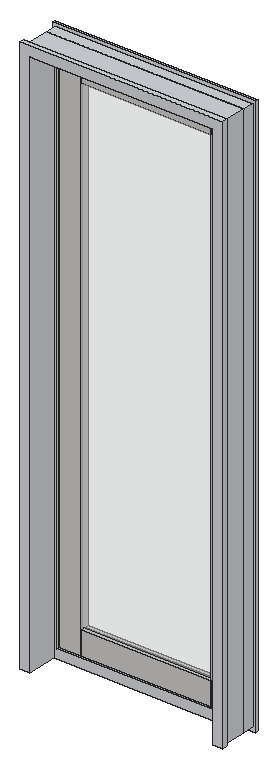
Revit family "APL Residential Thermal Heart Hinged Door Open In", category Doors, host Wall, Revit 2017 (continued)
Definition of nested family "APL Residential Thermal Heart Hinged Door Open In Vertical Section"
  Definition of nested family "Open In Head&Sill"
    Definition of nested family "65200_Rail"
      Lines and regions (mm)
        model lines, in view "Ref. Level"
          curve 212: arc (47.313, 10.592, 0) -> (47.439, 10.679, 0) -> (47.505, 10.817, 0) r 0.3
          curve 213: arc (47.505, 10.817, 0) -> (47.778, 11.059, 0) -> (48.083, 10.86, 0) r 0.3
          curve 214: arc (49.4, 10.86, 0) -> (49.754, 10.714, 0) -> (49.9, 10.36, 0) r 0.5
          curve 215: arc (49.9, 0.5, 0) -> (50.046, 0.146, 0) -> (50.4, 0, 0) r 0.5
          curve 216: arc (50.9, 0, 0) -> (51.254, 0.146, 0) -> (51.4, 0.5, 0) r 0.5
          curve 217: arc (51.4, 96.5, 0) -> (51.254, 96.854, 0) -> (50.9, 97, 0) r 0.5
          curve 218: arc (43, 97, 0) -> (42.646, 96.854, 0) -> (42.5, 96.5, 0) r 0.5
          curve 219: arc (42.5, 95.25, 0) -> (43, 94.75, 0) -> (43.5, 95.25, 0) r 0.5
          curve 220: arc (43.5, 95.8, 0) -> (43.559, 95.941, 0) -> (43.7, 96, 0) r 0.2
          curve 221: arc (44.8, 96, 0) -> (44.941, 95.941, 0) -> (45, 95.8, 0) r 0.2
          curve 222: arc (45, 90.7, 0) -> (44.941, 90.559, 0) -> (44.8, 90.5, 0) r 0.2
          curve 223: arc (43.7, 90.5, 0) -> (43.559, 90.559, 0) -> (43.5, 90.7, 0) r 0.2
          curve 224: arc (43.5, 91.25, 0) -> (43, 91.75, 0) -> (42.5, 91.25, 0) r 0.5
          curve 225: arc (42.5, 89.7, 0) -> (42.559, 89.559, 0) -> (42.7, 89.5, 0) r 0.2
          curve 226: arc (46.3, 89.5, 0) -> (46.441, 89.559, 0) -> (46.5, 89.7, 0) r 0.2
          curve 227: arc (46.5, 95, 0) -> (46.646, 95.354, 0) -> (47, 95.5, 0) r 0.5
          curve 228: arc (49, 95.5, 0) -> (49.354, 95.354, 0) -> (49.5, 95, 0) r 0.5
          curve 229: arc (49.5, 79.5, 0) -> (49.354, 79.146, 0) -> (49, 79, 0) r 0.5
          curve 230: arc (44.88, 79, 0) -> (44.739, 78.941, 0) -> (44.68, 78.8, 0) r 0.2
          curve 231: arc (44.68, 78.2, 0) -> (44.621, 78.059, 0) -> (44.48, 78, 0) r 0.2
          curve 232: arc (42.083, 78, 0) -> (41.778, 77.801, 0) -> (41.505, 78.043, 0) r 0.3
          curve 233: arc (41.505, 78.043, 0) -> (41.439, 78.181, 0) -> (41.313, 78.268, 0) r 0.3
          curve 234: arc (39.903, 78.782, 0) -> (39.617, 78.738, 0) -> (39.501, 78.474, 0) r 0.3
          curve 235: arc (39.708, 76.108, 0) -> (39.735, 76.008, 0) -> (39.795, 75.922, 0) r 0.3
          curve 236: arc (40.159, 75.559, 0) -> (40.352, 75.507, 0) -> (40.493, 75.648, 0) r 0.2
          curve 237: arc (40.538, 75.816, 0) -> (40.59, 75.905, 0) -> (40.679, 75.957, 0) r 0.2
          curve 238: arc (42.9, 76.5, 0) -> (43.18, 76.307, 0) -> (43.1, 75.976, 0) r 0.3
          curve 239: arc (43.1, 75.976, 0) -> (43.026, 75.875, 0) -> (43, 75.753, 0) r 0.3
          curve 240: arc (43.194, 71.75, 0) -> (43.158, 71.578, 0) -> (43, 71.5, 0) r 0.2
          curve 241: arc (42.479, 71.5, 0) -> (42.398, 71.511, 0) -> (42.323, 71.544, 0) r 0.3
          curve 242: arc (41.069, 72.309, 0) -> (41.072, 72.479, 0) -> (40.966, 72.611, 0) r 0.25
          curve 243: arc (40.88, 72.663, 0) -> (40.628, 72.668, 0) -> (40.5, 72.45, 0) r 0.25
          curve 244: arc (40.5, 70.874, 0) -> (40.628, 70.385, 0) -> (40.979, 70.021, 0) r 1
          curve 245: arc (41.549, 69.673, 0) -> (41.674, 69.619, 0) -> (41.809, 69.6, 0) r 0.5
          curve 246: line (44.9, 70.1, 0) -> (44.9, 76.091, 0)
          curve 247: line (45.929, 77.1, 0) -> (49, 77.1, 0)
          curve 248: line (49.5, 76.6, 0) -> (49.5, 23.4, 0)
          curve 249: line (49, 22.9, 0) -> (44.8, 22.9, 0)
          curve 250: line (44.6, 22.7, 0) -> (44.6, 21.1, 0)
          curve 251: line (44.8, 20.9, 0) -> (49.295, 20.9, 0)
          curve 252: line (49.495, 20.7, 0) -> (49.495, 19.46, 0)
          curve 253: line (49.295, 19.26, 0) -> (47.809, 19.26, 0)
          curve 254: line (47.549, 19.187, 0) -> (46.979, 18.839, 0)
          curve 255: line (46.5, 17.986, 0) -> (46.5, 16.41, 0)
          curve 256: line (47.069, 16.551, 0) -> (48.323, 17.316, 0)
          curve 257: line (48.323, 17.316, 0) -> (49, 17.36, 0)
          curve 258: line (49.194, 17.11, 0) -> (49.006, 16.385, 0)
          curve 259: line (49.006, 16.385, 0) -> (49, 13.107, 0)
          curve 260: line (48.746, 12.36, 0) -> (46.679, 12.903, 0)
          curve 261: line (46.679, 12.903, 0) -> (46.493, 13.212, 0)
          curve 262: line (46.159, 13.301, 0) -> (45.795, 12.938, 0)
          curve 263: line (45.708, 12.752, 0) -> (45.501, 10.386, 0)
          curve 264: line (45.903, 10.078, 0) -> (47.313, 10.592, 0)
          curve 265: line (48.083, 10.86, 0) -> (49.4, 10.86, 0)
          curve 266: line (49.9, 10.36, 0) -> (49.9, 0.5, 0)
          curve 267: line (50.4, 0, 0) -> (50.9, 0, 0)
          curve 268: line (51.4, 0.5, 0) -> (51.4, 96.5, 0)
          curve 269: line (43, 97, 0) -> (50.9, 97, 0)
          curve 270: line (50.9, 97, 0) -> (43, 97, 0)
          curve 271: line (42.5, 96.5, 0) -> (42.5, 95.25, 0)
          curve 272: line (43.5, 95.25, 0) -> (43.5, 95.8, 0)
          curve 273: line (43.7, 96, 0) -> (44.8, 96, 0)
          curve 274: line (45, 95.8, 0) -> (45, 90.7, 0)
          curve 275: line (44.8, 90.5, 0) -> (43.7, 90.5, 0)
          curve 276: line (43.5, 90.7, 0) -> (43.5, 91.25, 0)
          curve 277: line (42.5, 91.25, 0) -> (42.5, 89.7, 0)
          curve 278: line (42.7, 89.5, 0) -> (46.3, 89.5, 0)
          curve 279: line (46.5, 89.7, 0) -> (46.5, 95, 0)
          curve 280: line (47, 95.5, 0) -> (49, 95.5, 0)
          curve 281: line (49.5, 95, 0) -> (49.5, 79.5, 0)
          curve 282: line (49, 79, 0) -> (44.88, 79, 0)
          curve 283: line (44.68, 78.8, 0) -> (44.68, 78.2, 0)
          curve 284: line (44.48, 78, 0) -> (42.083, 78, 0)
          curve 285: line (41.313, 78.268, 0) -> (39.903, 78.782, 0)
          curve 286: line (39.501, 78.474, 0) -> (39.708, 76.108, 0)
          curve 287: line (39.795, 75.922, 0) -> (40.159, 75.559, 0)
          curve 288: line (40.493, 75.648, 0) -> (40.538, 75.816, 0)
          curve 289: line (40.538, 75.816, 0) -> (42.668, 76.49, 0)
          curve 290: line (42.668, 76.49, 0) -> (42.9, 76.5, 0)
          curve 291: line (43, 75.753, 0) -> (43, 72.525, 0)
          curve 292: line (43, 72.525, 0) -> (43.194, 71.75, 0)
          curve 293: line (43, 71.5, 0) -> (42.479, 71.5, 0)
          curve 294: line (42.479, 71.5, 0) -> (41.069, 72.309, 0)
          curve 295: line (40.5, 72.45, 0) -> (40.5, 70.874, 0)
          curve 296: line (40.979, 70.021, 0) -> (41.549, 69.673, 0)
          curve 297: line (41.809, 69.6, 0) -> (44.4, 69.6, 0)
      Text (mm)
        text "65200" at (8.462, 126.741, 0), in view "Ref. Level"
    Definition of nested family "65300_Open In Frame"
      Reference planes
        plane 1 "Center (Front/Back)": y = 0
        plane 2: z = 0
        plane 3 "Center (Left/Right)": x = 0
      Lines and regions (mm)
        model lines, in view "Ref. Level"
          curve 1: arc (41.813, -11.527, 0) -> (41.517, -11.698, 0) -> (41.4, -12.02, 0) r 0.5
          curve 2: arc (41.4, -13.4, 0) -> (41.341, -13.541, 0) -> (41.2, -13.6, 0) r 0.2
          curve 3: arc (16.255, -13.6, 0) -> (16.114, -13.541, 0) -> (16.055, -13.4, 0) r 0.2
          curve 4: arc (16.055, -8.6, 0) -> (16.114, -8.459, 0) -> (16.255, -8.4, 0) r 0.2
          curve 5: arc (16.9, -8.4, 0) -> (17.961, -7.961, 0) -> (18.4, -6.9, 0) r 1.5
          curve 6: arc (18.4, -2.6, 0) -> (18.459, -2.459, 0) -> (18.6, -2.4, 0) r 0.2
          curve 7: arc (23.2, -2.4, 0) -> (23.341, -2.341, 0) -> (23.4, -2.2, 0) r 0.2
          curve 8: arc (23.4, -1.6, 0) -> (23.459, -1.459, 0) -> (23.6, -1.4, 0) r 0.2
          curve 9: arc (33.4, -1.4, 0) -> (33.541, -1.459, 0) -> (33.6, -1.6, 0) r 0.2
          curve 10: arc (33.6, -2.2, 0) -> (33.659, -2.341, 0) -> (33.8, -2.4, 0) r 0.2
          curve 11: arc (38.4, -2.4, 0) -> (38.541, -2.341, 0) -> (38.6, -2.2, 0) r 0.2
          curve 12: arc (38.6, -1.6, 0) -> (38.659, -1.459, 0) -> (38.8, -1.4, 0) r 0.2
          curve 13: arc (39.375, -1.4, 0) -> (39.996, -1.318, 0) -> (40.575, -1.078, 0) r 2.4
          curve 14: arc (48.4, 2.4, 0) -> (48.541, 2.341, 0) -> (48.6, 2.2, 0) r 0.2
          curve 15: arc (48.6, -2.8, 0) -> (48.454, -3.154, 0) -> (48.1, -3.3, 0) r 0.5
          curve 16: arc (46, -3.3, 0) -> (45.01, -3.71, 0) -> (44.6, -4.7, 0) r 1.4
          curve 17: arc (44.6, -10.616, 0) -> (44.483, -10.938, 0) -> (44.187, -11.109, 0) r 0.5
          curve 18: arc (16.4, -1.5, 0) -> (16.68, -1.693, 0) -> (16.6, -2.024, 0) r 0.3
          curve 19: arc (16.6, -2.024, 0) -> (16.526, -2.125, 0) -> (16.5, -2.247, 0) r 0.3
          curve 20: arc (16.694, -6.25, 0) -> (16.658, -6.422, 0) -> (16.5, -6.5, 0) r 0.2
          curve 21: arc (15.979, -6.5, 0) -> (15.898, -6.489, 0) -> (15.823, -6.456, 0) r 0.3
          curve 22: arc (14.569, -5.691, 0) -> (14.572, -5.521, 0) -> (14.466, -5.389, 0) r 0.25
          curve 23: arc (14.38, -5.337, 0) -> (14.15, -5.321, 0) -> (14.005, -5.5, 0) r 0.25
          curve 24: arc (13.755, -5.5, 0) -> (13.614, -5.559, 0) -> (13.555, -5.7, 0) r 0.2
          curve 25: arc (13.555, -7.186, 0) -> (13.581, -7.284, 0) -> (13.651, -7.356, 0) r 0.2
          curve 26: arc (14.059, -7.606, 0) -> (14.129, -7.679, 0) -> (14.155, -7.776, 0) r 0.2
          curve 27: arc (15.056, -16.445, 0) -> (15.361, -16.746, 0) -> (15.787, -16.701, 0) r 0.5
          curve 28: arc (15.924, -16.617, 0) -> (16.074, -16.697, 0) -> (16.24, -16.663, 0) r 0.25
          curve 29: arc (16.326, -16.611, 0) -> (16.432, -16.479, 0) -> (16.429, -16.309, 0) r 0.25
          curve 30: arc (17.682, -15.544, 0) -> (17.758, -15.511, 0) -> (17.839, -15.5, 0) r 0.3
          curve 31: arc (18.36, -15.5, 0) -> (18.518, -15.578, 0) -> (18.554, -15.75, 0) r 0.2
          curve 32: arc (18.36, -19.753, 0) -> (18.386, -19.875, 0) -> (18.46, -19.976, 0) r 0.3
          curve 33: arc (18.46, -19.976, 0) -> (18.54, -20.307, 0) -> (18.26, -20.5, 0) r 0.3
          curve 34: arc (16.039, -19.957, 0) -> (15.95, -19.905, 0) -> (15.898, -19.816, 0) r 0.2
          curve 35: arc (15.853, -19.648, 0) -> (15.712, -19.507, 0) -> (15.519, -19.559, 0) r 0.2
          curve 36: arc (15.155, -19.922, 0) -> (15.095, -20.008, 0) -> (15.068, -20.108, 0) r 0.3
          curve 37: arc (14.861, -22.474, 0) -> (14.977, -22.738, 0) -> (15.263, -22.782, 0) r 0.3
          curve 38: arc (16.673, -22.268, 0) -> (16.799, -22.181, 0) -> (16.865, -22.043, 0) r 0.3
          curve 39: arc (16.865, -22.043, 0) -> (17.138, -21.801, 0) -> (17.443, -22, 0) r 0.3
          curve 40: arc (19.76, -22, 0) -> (20.114, -21.854, 0) -> (20.26, -21.5, 0) r 0.5
          curve 41: arc (20.26, -15.2, 0) -> (20.319, -15.059, 0) -> (20.46, -15, 0) r 0.2
          curve 42: arc (24.707, -15.057, 0) -> (24.868, -15.163, 0) -> (25.057, -15.2, 0) r 0.5
          curve 43: arc (34.743, -15.2, 0) -> (34.932, -15.164, 0) -> (35.093, -15.057, 0) r 0.485
          curve 44: arc (41.4, -15, 0) -> (42.39, -14.59, 0) -> (42.8, -13.6, 0) r 1.4
          curve 45: arc (42.8, -13.194, 0) -> (42.917, -12.873, 0) -> (43.213, -12.702, 0) r 0.5
          curve 46: arc (44.013, -12.561, 0) -> (44.421, -12.67, 0) -> (44.6, -13.053, 0) r 0.5
          curve 47: arc (44.6, -24.2, 0) -> (44.981, -25.119, 0) -> (45.9, -25.5, 0) r 1.3
          curve 48: arc (55.35, -25.5, 0) -> (56, -24.85, 0) -> (55.35, -24.2, 0) r 0.65
          curve 49: arc (49.5, -4.7, 0) -> (49.854, -4.554, 0) -> (50, -4.2, 0) r 0.5
          curve 50: arc (50, 7.5, 0) -> (49.707, 8.207, 0) -> (49, 8.5, 0) r 1
          curve 51: arc (46.6, 8.5, 0) -> (45.893, 8.207, 0) -> (45.6, 7.5, 0) r 1
          curve 52: arc (45.6, 7.4, 0) -> (45.688, 7.188, 0) -> (45.9, 7.1, 0) r 0.3
          curve 53: arc (48.4, 7.1, 0) -> (48.541, 7.041, 0) -> (48.6, 6.9, 0) r 0.2
          curve 54: arc (48.6, 4, 0) -> (48.541, 3.859, 0) -> (48.4, 3.8, 0) r 0.2
          curve 55: arc (46.6, 3.8, 0) -> (46.238, 3.752, 0) -> (45.9, 3.612, 0) r 1.4
          curve 56: arc (39.875, 0.134, 0) -> (39.634, 0.034, 0) -> (39.375, 0, 0) r 1
          curve 57: arc (15.583, 0, 0) -> (15.278, -0.199, 0) -> (15.005, 0.043, 0) r 0.3
          curve 58: arc (15.005, 0.043, 0) -> (14.939, 0.181, 0) -> (14.813, 0.268, 0) r 0.3
          curve 59: arc (13.403, 0.782, 0) -> (13.117, 0.738, 0) -> (13.001, 0.474, 0) r 0.3
          curve 60: arc (13.208, -1.892, 0) -> (13.235, -1.992, 0) -> (13.295, -2.078, 0) r 0.3
          curve 61: arc (13.659, -2.441, 0) -> (13.852, -2.493, 0) -> (13.993, -2.352, 0) r 0.2
          curve 62: line (41.4, -12.02, 0) -> (41.4, -13.4, 0)
          curve 63: line (41.2, -13.6, 0) -> (16.255, -13.6, 0)
          curve 64: line (16.055, -13.4, 0) -> (16.055, -8.6, 0)
          curve 65: line (16.255, -8.4, 0) -> (16.9, -8.4, 0)
          curve 66: line (18.4, -6.9, 0) -> (18.4, -2.6, 0)
          curve 67: line (18.6, -2.4, 0) -> (23.2, -2.4, 0)
          curve 68: line (23.4, -2.2, 0) -> (23.4, -1.6, 0)
          curve 69: line (23.6, -1.4, 0) -> (33.4, -1.4, 0)
          curve 70: line (33.6, -1.6, 0) -> (33.6, -2.2, 0)
          curve 71: line (33.8, -2.4, 0) -> (38.4, -2.4, 0)
          curve 72: line (38.6, -2.2, 0) -> (38.6, -1.6, 0)
          curve 73: line (38.8, -1.4, 0) -> (39.375, -1.4, 0)
          curve 74: line (40.575, -1.078, 0) -> (46.554, 2.373, 0)
          curve 75: line (46.554, 2.373, 0) -> (48.4, 2.4, 0)
          curve 76: line (48.6, 2.2, 0) -> (48.6, -2.8, 0)
          curve 77: line (48.1, -3.3, 0) -> (46, -3.3, 0)
          curve 78: line (44.6, -4.7, 0) -> (44.6, -10.616, 0)
          curve 79: line (44.187, -11.109, 0) -> (41.813, -11.527, 0)
          curve 80: line (13.993, -2.352, 0) -> (14.179, -2.043, 0)
          curve 81: line (14.179, -2.043, 0) -> (16.168, -1.51, 0)
          curve 82: line (16.168, -1.51, 0) -> (16.4, -1.5, 0)
          curve 83: line (16.5, -2.247, 0) -> (16.5, -5.475, 0)
          curve 84: line (16.5, -5.475, 0) -> (16.694, -6.25, 0)
          curve 85: line (16.5, -6.5, 0) -> (15.979, -6.5, 0)
          curve 86: line (15.979, -6.5, 0) -> (14.569, -5.691, 0)
          curve 87: line (14.005, -5.5, 0) -> (13.755, -5.5, 0)
          curve 88: line (13.555, -5.7, 0) -> (13.555, -7.186, 0)
          curve 89: line (13.651, -7.356, 0) -> (14.059, -7.606, 0)
          curve 90: line (14.155, -7.776, 0) -> (14.155, -13.934, 0)
          curve 91: line (14.155, -13.934, 0) -> (15.056, -16.445, 0)
          curve 92: line (15.787, -16.701, 0) -> (15.924, -16.617, 0)
          curve 93: line (16.429, -16.309, 0) -> (17.682, -15.544, 0)
          curve 94: line (17.682, -15.544, 0) -> (18.36, -15.5, 0)
          curve 95: line (18.554, -15.75, 0) -> (18.366, -16.475, 0)
          curve 96: line (18.366, -16.475, 0) -> (18.36, -19.753, 0)
          curve 97: line (18.106, -20.5, 0) -> (16.039, -19.957, 0)
          curve 98: line (16.039, -19.957, 0) -> (15.853, -19.648, 0)
          curve 99: line (15.519, -19.559, 0) -> (15.155, -19.922, 0)
          curve 100: line (15.068, -20.108, 0) -> (14.861, -22.474, 0)
          curve 101: line (15.263, -22.782, 0) -> (16.673, -22.268, 0)
          curve 102: line (17.443, -22, 0) -> (19.76, -22, 0)
          curve 103: line (20.26, -21.5, 0) -> (20.26, -15.2, 0)
          curve 104: line (20.46, -15, 0) -> (24.567, -15, 0)
          curve 105: line (25.057, -15.2, 0) -> (29.5, -15.2, 0)
          curve 106: line (29.5, -15.2, 0) -> (29.9, -14.8, 0)
          curve 107: line (29.9, -14.8, 0) -> (30.3, -15.2, 0)
          curve 108: line (30.3, -15.2, 0) -> (34.743, -15.2, 0)
          curve 109: line (35.233, -15, 0) -> (41.4, -15, 0)
          curve 110: line (42.8, -13.6, 0) -> (42.8, -13.194, 0)
          curve 111: line (43.213, -12.702, 0) -> (44.013, -12.561, 0)
          curve 112: line (44.6, -13.053, 0) -> (44.6, -24.2, 0)
          curve 113: line (45.9, -25.5, 0) -> (47.7, -25.5, 0)
          curve 114: line (47.7, -25.5, 0) -> (48, -25.2, 0)
          curve 115: line (48, -25.2, 0) -> (53.25, -25.2, 0)
          curve 116: line (53.25, -25.2, 0) -> (53.55, -25.5, 0)
          curve 117: line (53.55, -25.5, 0) -> (55.35, -25.5, 0)
          curve 118: line (55.35, -24.2, 0) -> (46, -24.2, 0)
          curve 119: line (46, -24.2, 0) -> (46, -4.7, 0)
          curve 120: line (46, -4.7, 0) -> (49.5, -4.7, 0)
          curve 121: line (50, -4.2, 0) -> (50, 7.5, 0)
          curve 122: line (49, 8.5, 0) -> (46.6, 8.5, 0)
          curve 123: line (45.9, 7.1, 0) -> (48.4, 7.1, 0)
          curve 124: line (48.6, 6.9, 0) -> (48.6, 4, 0)
          curve 125: line (48.4, 3.8, 0) -> (46.6, 3.8, 0)
          curve 126: line (45.9, 3.612, 0) -> (39.875, 0.134, 0)
          curve 127: line (39.375, 0, 0) -> (36.5, 0, 0)
          curve 128: line (36.5, 0, 0) -> (36.1, -0.4, 0)
          curve 129: line (36.1, -0.4, 0) -> (35.7, 0, 0)
          curve 130: line (35.7, 0, 0) -> (25.9, 0, 0)
          curve 131: line (25.9, 0, 0) -> (25.5, -0.4, 0)
          curve 132: line (25.5, -0.4, 0) -> (25.1, 0, 0)
          curve 133: line (25.1, 0, 0) -> (15.583, 0, 0)
          curve 134: line (14.813, 0.268, 0) -> (13.403, 0.782, 0)
          curve 135: line (13.001, 0.474, 0) -> (13.208, -1.892, 0)
          curve 136: line (13.295, -2.078, 0) -> (13.659, -2.441, 0)
          curve 137: arc (14.038, -2.184, 0) -> (14.09, -2.095, 0) -> (14.179, -2.043, 0) r 0.2
          curve 138: arc (-0.24, -19.661, 0) -> (-0.123, -19.944, 0) -> (0.16, -20.061, 0) r 0.4
          curve 139: arc (0.453, -20.061, 0) -> (0.556, -20.047, 0) -> (0.653, -20.007, 0) r 0.4
          curve 140: arc (2.181, -19.122, 0) -> (2.471, -19.002, 0) -> (2.782, -18.961, 0) r 1.2
          curve 141: arc (3.705, -18.961, 0) -> (4.278, -18.78, 0) -> (4.644, -18.303, 0) r 1
          curve 142: arc (5.437, -16.124, 0) -> (5.584, -15.933, 0) -> (5.813, -15.861, 0) r 0.4
          curve 143: arc (12.307, -15.861, 0) -> (12.536, -15.933, 0) -> (12.683, -16.124, 0) r 0.4
          curve 144: arc (13.476, -18.303, 0) -> (13.842, -18.78, 0) -> (14.415, -18.961, 0) r 1
          curve 145: arc (15.338, -18.961, 0) -> (15.649, -19.002, 0) -> (15.939, -19.122, 0) r 1.2
          curve 146: arc (17.467, -20.007, 0) -> (17.564, -20.047, 0) -> (17.667, -20.061, 0) r 0.4
          curve 147: arc (17.96, -20.061, 0) -> (18.243, -19.944, 0) -> (18.36, -19.661, 0) r 0.4
          curve 148: arc (18.36, -16.261, 0) -> (18.243, -15.978, 0) -> (17.96, -15.861, 0) r 0.4
          curve 149: arc (17.667, -15.861, 0) -> (17.564, -15.875, 0) -> (17.467, -15.915, 0) r 0.4
          curve 150: arc (15.939, -16.799, 0) -> (15.645, -16.921, 0) -> (15.33, -16.961, 0) r 1.2
          curve 151: arc (15.33, -16.961, 0) -> (15.155, -16.908, 0) -> (15.044, -16.764, 0) r 0.3
          curve 152: arc (14.156, -14.324, 0) -> (14.009, -14.133, 0) -> (13.78, -14.061, 0) r 0.4
          curve 153: arc (4.34, -14.061, 0) -> (4.111, -14.133, 0) -> (3.964, -14.324, 0) r 0.4
          curve 154: arc (3.076, -16.764, 0) -> (2.965, -16.908, 0) -> (2.79, -16.961, 0) r 0.3
          curve 155: arc (2.79, -16.961, 0) -> (2.475, -16.921, 0) -> (2.181, -16.799, 0) r 1.2
          curve 156: arc (0.653, -15.915, 0) -> (0.556, -15.875, 0) -> (0.453, -15.861, 0) r 0.4
          curve 157: arc (0.16, -15.861, 0) -> (-0.123, -15.978, 0) -> (-0.24, -16.261, 0) r 0.4
          curve 158: line (0.16, -20.061, 0) -> (0.453, -20.061, 0)
          curve 159: line (0.653, -20.007, 0) -> (2.181, -19.122, 0)
          curve 160: line (2.782, -18.961, 0) -> (3.705, -18.961, 0)
          curve 161: line (4.644, -18.303, 0) -> (5.437, -16.124, 0)
          curve 162: line (5.813, -15.861, 0) -> (12.307, -15.861, 0)
          curve 163: line (12.683, -16.124, 0) -> (13.476, -18.303, 0)
          curve 164: line (14.415, -18.961, 0) -> (15.338, -18.961, 0)
          curve 165: line (15.939, -19.122, 0) -> (17.467, -20.007, 0)
          curve 166: line (17.667, -20.061, 0) -> (17.96, -20.061, 0)
          curve 167: line (18.36, -19.661, 0) -> (18.36, -16.261, 0)
          curve 168: line (17.96, -15.861, 0) -> (17.667, -15.861, 0)
          curve 169: line (17.467, -15.915, 0) -> (15.939, -16.799, 0)
          curve 170: line (15.044, -16.764, 0) -> (14.156, -14.324, 0)
          curve 171: line (13.78, -14.061, 0) -> (4.34, -14.061, 0)
          curve 172: line (3.964, -14.324, 0) -> (3.076, -16.764, 0)
          curve 173: line (2.181, -16.799, 0) -> (0.653, -15.915, 0)
          curve 174: line (0.453, -15.861, 0) -> (0.16, -15.861, 0)
          curve 175: line (-0.24, -16.261, 0) -> (-0.24, -19.661, 0)
          curve 176: arc (-2.1, -5.6, 0) -> (-1.983, -5.883, 0) -> (-1.7, -6, 0) r 0.4
          curve 177: arc (-1.407, -6, 0) -> (-1.304, -5.986, 0) -> (-1.207, -5.946, 0) r 0.4
          curve 178: arc (0.321, -5.061, 0) -> (0.611, -4.941, 0) -> (0.922, -4.9, 0) r 1.2
          curve 179: arc (1.845, -4.9, 0) -> (2.418, -4.719, 0) -> (2.784, -4.242, 0) r 1
          curve 180: arc (3.577, -2.063, 0) -> (3.724, -1.872, 0) -> (3.953, -1.8, 0) r 0.4
          curve 181: arc (10.447, -1.8, 0) -> (10.676, -1.872, 0) -> (10.823, -2.063, 0) r 0.4
          curve 182: arc (11.616, -4.242, 0) -> (11.982, -4.719, 0) -> (12.555, -4.9, 0) r 1
          curve 183: arc (13.478, -4.9, 0) -> (13.789, -4.941, 0) -> (14.079, -5.061, 0) r 1.2
          curve 184: arc (15.607, -5.946, 0) -> (15.704, -5.986, 0) -> (15.807, -6, 0) r 0.4
          curve 185: arc (16.1, -6, 0) -> (16.383, -5.883, 0) -> (16.5, -5.6, 0) r 0.4
          curve 186: arc (16.5, -2.2, 0) -> (16.383, -1.917, 0) -> (16.1, -1.8, 0) r 0.4
          curve 187: arc (15.807, -1.8, 0) -> (15.704, -1.814, 0) -> (15.607, -1.854, 0) r 0.4
          curve 188: arc (14.079, -2.739, 0) -> (13.785, -2.86, 0) -> (13.47, -2.9, 0) r 1.2
          curve 189: arc (13.47, -2.9, 0) -> (13.295, -2.847, 0) -> (13.184, -2.703, 0) r 0.3
          curve 190: arc (12.296, -0.263, 0) -> (12.149, -0.072, 0) -> (11.92, 0, 0) r 0.4
          curve 191: arc (2.48, 0, 0) -> (2.251, -0.072, 0) -> (2.104, -0.263, 0) r 0.4
          curve 192: arc (1.216, -2.703, 0) -> (1.105, -2.847, 0) -> (0.93, -2.9, 0) r 0.3
          curve 193: arc (0.93, -2.9, 0) -> (0.615, -2.86, 0) -> (0.321, -2.739, 0) r 1.2
          curve 194: arc (-1.207, -1.854, 0) -> (-1.304, -1.814, 0) -> (-1.407, -1.8, 0) r 0.4
          curve 195: arc (-1.7, -1.8, 0) -> (-1.983, -1.917, 0) -> (-2.1, -2.2, 0) r 0.4
          curve 196: line (-1.7, -6, 0) -> (-1.407, -6, 0)
          curve 197: line (-1.207, -5.946, 0) -> (0.321, -5.061, 0)
          curve 198: line (0.922, -4.9, 0) -> (1.845, -4.9, 0)
          curve 199: line (2.784, -4.242, 0) -> (3.577, -2.063, 0)
          curve 200: line (3.953, -1.8, 0) -> (10.447, -1.8, 0)
          curve 201: line (10.823, -2.063, 0) -> (11.616, -4.242, 0)
          curve 202: line (12.555, -4.9, 0) -> (13.478, -4.9, 0)
          curve 203: line (14.079, -5.061, 0) -> (15.607, -5.946, 0)
          curve 204: line (15.807, -6, 0) -> (16.1, -6, 0)
          curve 205: line (16.5, -5.6, 0) -> (16.5, -2.2, 0)
          curve 206: line (16.1, -1.8, 0) -> (15.807, -1.8, 0)
          curve 207: line (15.607, -1.854, 0) -> (14.079, -2.739, 0)
          curve 208: line (13.184, -2.703, 0) -> (12.296, -0.263, 0)
          curve 209: line (11.92, 0, 0) -> (2.48, 0, 0)
          curve 210: line (2.104, -0.263, 0) -> (1.216, -2.703, 0)
          curve 211: line (0.321, -2.739, 0) -> (-1.207, -1.854, 0)
          curve 212: line (-1.407, -1.8, 0) -> (-1.7, -1.8, 0)
          curve 213: line (-2.1, -2.2, 0) -> (-2.1, -5.6, 0)
          curve 214: arc (-15.5, 27, 0) -> (-15.351, 27.351, 0) -> (-15, 27.5, 0) r 0.508
          curve 215: arc (-8.7, 27.5, 0) -> (-8.559, 27.441, 0) -> (-8.5, 27.3, 0) r 0.2
          curve 216: arc (-8.5, 26.1, 0) -> (-8.559, 25.959, 0) -> (-8.7, 25.9, 0) r 0.2
          curve 217: arc (-13.8, 25.9, 0) -> (-13.941, 25.841, 0) -> (-14, 25.7, 0) r 0.2
          curve 218: arc (-14, 22.6, 0) -> (-13.941, 22.459, 0) -> (-13.8, 22.4, 0) r 0.2
          curve 219: arc (-10.5, 23.15, 0) -> (-10.346, 23.381, 0) -> (-10.073, 23.327, 0) r 0.25
          curve 220: arc (-8.5, 19.1, 0) -> (-8.559, 18.959, 0) -> (-8.7, 18.9, 0) r 0.2
          curve 221: arc (-8.7, 18.9, 0) -> (-9.266, 19.134, 0) -> (-9.5, 19.7, 0) r 0.8
          curve 222: arc (-9.5, 20.8, 0) -> (-9.559, 20.941, 0) -> (-9.7, 21, 0) r 0.2
          curve 223: arc (-11.9, 20.4, 0) -> (-12.3, 20, 0) -> (-12.7, 20.4, 0) r 0.4
          curve 224: arc (-11.7, 8, 0) -> (-11.554, 8.354, 0) -> (-11.2, 8.5, 0) r 0.5
          curve 225: arc (-9.5, 8.5, 0) -> (-8.793, 8.207, 0) -> (-8.5, 7.5, 0) r 1
          curve 226: arc (-8.5, 7.4, 0) -> (-8.588, 7.188, 0) -> (-8.8, 7.1, 0) r 0.3
          curve 227: arc (-10.217, 7.1, 0) -> (-10.329, 7.066, 0) -> (-10.402, 6.975, 0) r 0.2
          curve 228: arc (-10.402, 6.975, 0) -> (-10.917, 6.339, 0) -> (-11.7, 6.1, 0) r 1.4
          curve 229: arc (-13.8, 6.1, 0) -> (-13.941, 6.041, 0) -> (-14, 5.9, 0) r 0.2
          curve 230: arc (-14, 1, 0) -> (-13.707, 0.293, 0) -> (-13, 0, 0) r 1
          curve 231: arc (-1.183, 0, 0) -> (-0.878, -0.199, 0) -> (-0.605, 0.043, 0) r 0.3
          curve 232: arc (-0.605, 0.043, 0) -> (-0.539, 0.181, 0) -> (-0.413, 0.268, 0) r 0.3
          curve 233: arc (0.997, 0.782, 0) -> (1.283, 0.738, 0) -> (1.399, 0.474, 0) r 0.3
          curve 234: arc (1.192, -1.892, 0) -> (1.165, -1.992, 0) -> (1.105, -2.078, 0) r 0.3
          curve 235: arc (0.741, -2.441, 0) -> (0.548, -2.493, 0) -> (0.407, -2.352, 0) r 0.2
          curve 236: arc (0.362, -2.184, 0) -> (0.31, -2.095, 0) -> (0.221, -2.043, 0) r 0.2
          curve 237: arc (-2, -1.5, 0) -> (-2.28, -1.693, 0) -> (-2.2, -2.024, 0) r 0.3
          curve 238: arc (-2.2, -2.024, 0) -> (-2.126, -2.125, 0) -> (-2.1, -2.247, 0) r 0.3
          curve 239: arc (-2.294, -6.25, 0) -> (-2.258, -6.422, 0) -> (-2.1, -6.5, 0) r 0.2
          curve 240: arc (-1.579, -6.5, 0) -> (-1.498, -6.489, 0) -> (-1.423, -6.456, 0) r 0.3
          curve 241: arc (-0.169, -5.691, 0) -> (-0.172, -5.521, 0) -> (-0.066, -5.389, 0) r 0.25
          curve 242: arc (0.02, -5.337, 0) -> (0.25, -5.321, 0) -> (0.395, -5.5, 0) r 0.25
          curve 243: arc (0.645, -5.5, 0) -> (0.786, -5.559, 0) -> (0.845, -5.7, 0) r 0.2
          curve 244: arc (0.845, -13.8, 0) -> (0.904, -13.941, 0) -> (1.045, -14, 0) r 0.2
          curve 245: arc (3.668, -14, 0) -> (3.832, -14.085, 0) -> (3.856, -14.268, 0) r 0.2
          curve 246: arc (3.163, -16.171, 0) -> (2.98, -16.41, 0) -> (2.694, -16.5, 0) r 0.5
          curve 247: arc (2.255, -16.5, 0) -> (2.11, -16.679, 0) -> (1.88, -16.663, 0) r 0.25
          curve 248: arc (1.794, -16.611, 0) -> (1.688, -16.479, 0) -> (1.691, -16.309, 0) r 0.25
          curve 249: arc (0.438, -15.544, 0) -> (0.362, -15.511, 0) -> (0.281, -15.5, 0) r 0.3
          curve 250: arc (-0.24, -15.5, 0) -> (-0.398, -15.578, 0) -> (-0.434, -15.75, 0) r 0.2
          curve 251: arc (-0.24, -19.753, 0) -> (-0.266, -19.875, 0) -> (-0.34, -19.976, 0) r 0.3
          curve 252: arc (-0.34, -19.976, 0) -> (-0.42, -20.307, 0) -> (-0.14, -20.5, 0) r 0.3
          curve 253: arc (2.081, -19.957, 0) -> (2.17, -19.905, 0) -> (2.222, -19.816, 0) r 0.2
          curve 254: arc (2.267, -19.648, 0) -> (2.408, -19.507, 0) -> (2.601, -19.559, 0) r 0.2
          curve 255: arc (2.965, -19.922, 0) -> (3.025, -20.008, 0) -> (3.052, -20.108, 0) r 0.3
          curve 256: arc (3.259, -22.474, 0) -> (3.143, -22.738, 0) -> (2.857, -22.782, 0) r 0.3
          curve 257: arc (1.447, -22.268, 0) -> (1.321, -22.181, 0) -> (1.255, -22.043, 0) r 0.3
          curve 258: arc (1.255, -22.043, 0) -> (0.982, -21.801, 0) -> (0.677, -22, 0) r 0.3
          curve 259: arc (0.2, -22, 0) -> (0.059, -22.059, 0) -> (0, -22.2, 0) r 0.2
          curve 260: arc (0, -27.301, 0) -> (-0.107, -27.836, 0) -> (-0.41, -28.291, 0) r 1.4
          curve 261: arc (-5.407, -33.287, 0) -> (-5.624, -33.612, 0) -> (-5.7, -33.995, 0) r 1
          curve 262: arc (-5.7, -39.659, 0) -> (-5.623, -39.816, 0) -> (-5.452, -39.853, 0) r 0.2
          curve 263: arc (-5.452, -39.853, 0) -> (-4.643, -40.177, 0) -> (-4.687, -41.048, 0) r 0.75
          curve 264: arc (-4.687, -41.048, 0) -> (-5.025, -42.005, 0) -> (-4.687, -42.962, 0) r 1.525
          curve 265: arc (-4.687, -42.962, 0) -> (-4.594, -43.113, 0) -> (-4.539, -43.281, 0) r 0.75
          curve 266: arc (-4.539, -43.281, 0) -> (-4.442, -43.492, 0) -> (-4.26, -43.636, 0) r 0.5
          curve 267: arc (-4.26, -43.636, 0) -> (-3.5, -43.805, 0) -> (-2.74, -43.637, 0) r 1.8
          curve 268: arc (-2.74, -43.637, 0) -> (-2.558, -43.492, 0) -> (-2.461, -43.28, 0) r 0.5
          curve 269: arc (-2.461, -43.28, 0) -> (-2.406, -43.112, 0) -> (-2.312, -42.961, 0) r 0.737
          curve 270: arc (-2.312, -42.961, 0) -> (-1.975, -42.005, 0) -> (-2.312, -41.049, 0) r 1.525
          curve 271: arc (-2.312, -41.049, 0) -> (-2.2, -40.012, 0) -> (-1.163, -40.124, 0) r 0.737
          curve 272: arc (-1.163, -40.124, 0) -> (-0.507, -41.796, 0) -> (-0.924, -43.544, 0) r 3
          curve 273: arc (-0.924, -43.544, 0) -> (-0.93, -44.047, 0) -> (-0.495, -44.3, 0) r 0.5
          curve 274: arc (-0.2, -44.3, 0) -> (-0.059, -44.359, 0) -> (0, -44.5, 0) r 0.2
          curve 275: arc (0, -45.3, 0) -> (-0.059, -45.441, 0) -> (-0.2, -45.5, 0) r 0.2
          curve 276: arc (-6, -45.5, 0) -> (-6.707, -45.207, 0) -> (-7, -44.5, 0) r 1
          curve 277: arc (-7, -35.563, 0) -> (-7.281, -34.295, 0) -> (-8.072, -33.265, 0) r 3
          curve 278: arc (-14.428, -27.931, 0) -> (-15.219, -26.9, 0) -> (-15.5, -25.63, 0) r 3
          curve 279: arc (-13.102, -1.4, 0) -> (-13.808, -1.693, 0) -> (-14.1, -2.4, 0) r 1
          curve 280: arc (-14.1, -25.631, 0) -> (-13.951, -26.308, 0) -> (-13.528, -26.859, 0) r 1.6
          curve 281: arc (-7.044, -32.3, 0) -> (-6.701, -32.416, 0) -> (-6.369, -32.27, 0) r 0.5
          curve 282: arc (-1.693, -27.594, 0) -> (-1.476, -27.269, 0) -> (-1.4, -26.886, 0) r 1
          curve 283: arc (-1.4, -22.466, 0) -> (-1.503, -22.161, 0) -> (-1.77, -21.983, 0) r 0.5
          curve 284: arc (-1.77, -21.983, 0) -> (-2.037, -21.804, 0) -> (-2.14, -21.5, 0) r 0.5
          curve 285: arc (-2.14, -15, 0) -> (-1.88, -14.328, 0) -> (-1.236, -14.005, 0) r 1
          curve 286: arc (-1.236, -14.005, 0) -> (-1.107, -13.94, 0) -> (-1.055, -13.806, 0) r 0.2
          curve 287: arc (-1.055, -8.9, 0) -> (-1.201, -8.546, 0) -> (-1.555, -8.4, 0) r 0.5
          curve 288: arc (-2.5, -8.4, 0) -> (-3.617, -8.073, 0) -> (-4.1, -7.014, 0) r 1.4
          curve 289: arc (-4.1, -1.9, 0) -> (-4.246, -1.546, 0) -> (-4.6, -1.4, 0) r 0.5
          curve 290: line (-15.5, -25.63, 0) -> (-15.5, 27, 0)
          curve 291: line (-15, 27.5, 0) -> (-8.7, 27.5, 0)
          curve 292: line (-8.5, 27.3, 0) -> (-8.5, 26.1, 0)
          curve 293: line (-8.7, 25.9, 0) -> (-13.8, 25.9, 0)
          curve 294: line (-14, 25.7, 0) -> (-14, 22.6, 0)
          curve 295: line (-13.8, 22.4, 0) -> (-10.5, 22.4, 0)
          curve 296: line (-10.5, 22.4, 0) -> (-10.5, 23.15, 0)
          curve 297: line (-10.073, 23.327, 0) -> (-8.559, 21.812, 0)
          curve 298: line (-8.559, 21.812, 0) -> (-8.5, 19.1, 0)
          curve 299: line (-9.5, 19.7, 0) -> (-9.5, 20.8, 0)
          curve 300: line (-9.7, 21, 0) -> (-11.9, 21, 0)
          curve 301: line (-11.9, 21, 0) -> (-11.9, 20.4, 0)
          curve 302: line (-12.7, 20.4, 0) -> (-12.7, 21, 0)
          curve 303: line (-12.7, 21, 0) -> (-14, 21, 0)
          curve 304: line (-14, 21, 0) -> (-14, 7.5, 0)
          curve 305: line (-14, 7.5, 0) -> (-11.7, 7.5, 0)
          curve 306: line (-11.7, 7.5, 0) -> (-11.7, 8, 0)
          curve 307: line (-11.2, 8.5, 0) -> (-9.5, 8.5, 0)
          curve 308: line (-8.8, 7.1, 0) -> (-10.217, 7.1, 0)
          curve 309: line (-11.7, 6.1, 0) -> (-13.8, 6.1, 0)
          curve 310: line (-14, 5.9, 0) -> (-14, 1, 0)
          curve 311: line (-13, 0, 0) -> (-1.183, 0, 0)
          curve 312: line (-0.413, 0.268, 0) -> (0.997, 0.782, 0)
          curve 313: line (1.399, 0.474, 0) -> (1.192, -1.892, 0)
          curve 314: line (1.105, -2.078, 0) -> (0.741, -2.441, 0)
          curve 315: line (0.407, -2.352, 0) -> (0.362, -2.184, 0)
          curve 316: line (0.362, -2.184, 0) -> (-1.768, -1.51, 0)
          curve 317: line (-1.768, -1.51, 0) -> (-2, -1.5, 0)
          curve 318: line (-2.1, -2.247, 0) -> (-2.1, -5.475, 0)
          curve 319: line (-2.1, -5.475, 0) -> (-2.294, -6.25, 0)
          curve 320: line (-2.1, -6.5, 0) -> (-1.579, -6.5, 0)
          curve 321: line (-1.579, -6.5, 0) -> (-0.169, -5.691, 0)
          curve 322: line (0.395, -5.5, 0) -> (0.645, -5.5, 0)
          curve 323: line (0.845, -5.7, 0) -> (0.845, -13.8, 0)
          curve 324: line (1.045, -14, 0) -> (3.668, -14, 0)
          curve 325: line (3.856, -14.268, 0) -> (3.163, -16.171, 0)
          curve 326: line (2.694, -16.5, 0) -> (2.255, -16.5, 0)
          curve 327: line (1.691, -16.309, 0) -> (0.438, -15.544, 0)
          curve 328: line (0.438, -15.544, 0) -> (-0.24, -15.5, 0)
          curve 329: line (-0.434, -15.75, 0) -> (-0.246, -16.475, 0)
          curve 330: line (-0.246, -16.475, 0) -> (-0.24, -19.753, 0)
          curve 331: line (0.014, -20.5, 0) -> (2.081, -19.957, 0)
          curve 332: line (2.081, -19.957, 0) -> (2.267, -19.648, 0)
          curve 333: line (2.601, -19.559, 0) -> (2.965, -19.922, 0)
          curve 334: line (3.052, -20.108, 0) -> (3.259, -22.474, 0)
          curve 335: line (2.857, -22.782, 0) -> (1.447, -22.268, 0)
          curve 336: line (0.677, -22, 0) -> (0.2, -22, 0)
          curve 337: line (0, -22.2, 0) -> (0, -27.301, 0)
          curve 338: line (-0.41, -28.291, 0) -> (-5.407, -33.287, 0)
          curve 339: line (-5.7, -33.995, 0) -> (-5.7, -39.659, 0)
          curve 340: line (-0.495, -44.3, 0) -> (-0.2, -44.3, 0)
          curve 341: line (0, -44.5, 0) -> (0, -45.3, 0)
          curve 342: line (-0.2, -45.5, 0) -> (-6, -45.5, 0)
          curve 343: line (-7, -44.5, 0) -> (-7, -35.563, 0)
          curve 344: line (-8.072, -33.265, 0) -> (-14.428, -27.931, 0)
          curve 345: line (-14.1, -2.4, 0) -> (-14.1, -25.631, 0)
          curve 346: line (-13.528, -26.859, 0) -> (-7.044, -32.3, 0)
          curve 347: line (-6.369, -32.27, 0) -> (-1.693, -27.594, 0)
          curve 348: line (-1.4, -26.886, 0) -> (-1.4, -22.466, 0)
          curve 349: line (-2.14, -21.5, 0) -> (-2.14, -15, 0)
          curve 350: line (-1.055, -13.806, 0) -> (-1.055, -8.9, 0)
          curve 351: line (-1.555, -8.4, 0) -> (-2.5, -8.4, 0)
          curve 352: line (-4.1, -7.014, 0) -> (-4.1, -1.9, 0)
          curve 353: line (-4.6, -1.4, 0) -> (-13.102, -1.4, 0)
      Text (mm)
        text "65300" at (11.86, 30.704, 0), in view "Ref. Level"
Definition of nested family "APL Residential Thermal Heart Hinged Door Open In Horizontal Section"
  Parameters (values of type "Groove")
    Liner End [instance] = 10 mm
    Liner Block = Liner : Liner
    Liner [instance] = 100 mm
    Jamb Liner 2 = yes
    Jamb Liner 1 = yes
    Groove [instance] = 10 mm
    Glass Length 1 [instance] = Box Width - 233 mm  # 467 mm
    Box Width [instance] = 700 mm
  Types (2, lengths in mm): name | Liner Block
    No Groove | Liner No Groove : Liner No Groove
    Groove | Liner : Liner
  Reference planes
    plane 1 "Center (Front/Back)": y = 14.873
    plane 2: z = 0
    plane 3 "Center (Left/Right)": x = -408.062
    plane 4: x = -758.062
    plane 5: x = -58.062
    plane 6: y = 60.873
    plane 7: y = 60.873
    plane 8: x = -50.562
    plane 9: y = 19.873
  Dimensions and locks
    "Liner": plane 7 to nested 1
    "Liner": nested 2 to plane 6
    locked: plane 5 to plane 8 at 7.5
    locked: plane 4 to nested 3 at 116.45
    equal spacing: plane 4, plane 3 "Center (Left/Right)", plane 5
    "Box Width": plane 4 to plane 5
    locked: nested 4 to plane 5 at 116.313
    plane 9 to plane 1 "Center (Front/Back)" = 5 mm
    locked: nested 5 to nested 3 at 6.4
    locked: nested 4 to nested 6 at 6.4
    locked: nested 1 to nested 5 at 13.365
    locked: nested 6 to nested 2 at 13.691
  Nested families
    nested 1: "Liner" at (-737.427, 60.873, 0) x (0, 1, 0) z (0, 0, 1), type <- "Liner Block", End Liner <- "Liner End", Groove <- "Groove", visible <- "Jamb Liner 2", type "Liner", in view "Ref. Level", detail levels fine
      with built-in parameter 1001306 0.32808 (stored number, unit not read)
    nested 2: "Liner" at (-78.233, 60.873, 0) x (0, 1, 0) z (0, 0, 1), visible <- "Jamb Liner 2", type <- "Liner Block", type "Liner", in view "Ref. Level", detail levels fine
      with built-in parameter 1001306 0.32808 (stored number, unit not read)
    nested 3: "Glazing Bead" at (-641.612, 26.331, 0) x (0, 1, 0) z (0, 0, 1), Glass Lenght <- "Glass Length 1", type "DG", in view "Ref. Level", detail levels fine
      with Glass Lenght 467 mm
    nested 4: "Glazing Bead" at (-174.374, 26.331, 0) x (0, 1, 0) z (0, 0, 1), Glass Lenght <- "Glass Length 1", type "DG", in view "Ref. Level", detail levels fine
      with Glass Lenght 467 mm
    nested 5: "Open In Jamb&Hinge" at (-758.062, 14.173, 0), type "Open Out Jamb&Hinge", in view "Ref. Level", detail levels fine
    nested 6: "Open In Jamb" at (-57.924, 14.873, 0) x (-1, 0, 0) z (0, 0, 1), type "Open Out Jamb", in view "Ref. Level", detail levels fine
  Definition of nested family "Liner"
    Parameters (values of type "Liner")
      Type Image = (empty or 0)
      built-in parameter 1001306 [instance] = 100 mm
      Groove [instance] = 10 mm
      End Liner [instance] = 10 mm
    Reference planes
      plane 1 "Center (Front/Back)": y = 0
      plane 2: z = 0
      plane 3 "Left": x = 0
      plane 4 "Right": x = 100
    Lines and regions (mm)
      Filled region 1, type "Brick", in view "Ref. Level"
        outline origin (0, 0, 0) x (1, 0, 0) y (0, 1, 0)
          loop
            line (0, 0) -> (120, 0) -> (120, 19) -> (110, 19) -> (110, 13.435) -> (100, 13.435) -> (100, 19) -> (0, 19) -> (0, 0)
      reference lines, in view "Ref. Level"
        curve 1: line (0, 0, 0) -> (100, 0, 0)
      detail lines, in view "Ref. Level", detail levels fine
        curve 2: line (100, 0, 0) -> (0, 0, 0)
    Dimensions and locks
      "built-in parameter 1001306": plane 3 "Left" to plane 4 "Right"
      locked: Filled region 1 to curve 2 at 19
      "Groove": plane 4 "Right" to Filled region 1
      "End Liner": Filled region 1 to Filled region 1
      aligned and locked: plane 1 "Center (Front/Back)" to curve 1
      aligned and locked: plane 3 "Left" to curve 1
      aligned and locked: plane 4 "Right" to curve 1
      aligned and locked: curve 1 to Filled region 1
      aligned and locked: plane 1 "Center (Front/Back)" to Filled region 1
      aligned and locked: Filled region 1 to plane 3 "Left"
    Automatic sketch dimensions
      curve 2 to plane 4 "Right" = 0 mm
      Filled region 1 sketch curve to plane 3 "Left" = 0 mm
      Filled region 1 sketch curve to plane 4 "Right" = 0 mm
      Filled region 1 sketch curve to Filled region 1 sketch curve = 10 mm  (x2)
      Filled region 1 sketch curve to plane 1 "Center (Front/Back)" = 0 mm
      Filled region 1 sketch curve to plane 1 "Center (Front/Back)" = 13.435 mm
      Filled region 1 sketch curve to Filled region 1 sketch curve = 5.565 mm  (x2)
      curve 2 to plane 3 "Left" = 0 mm
  Definition of nested family "Glazing Bead"
    Parameters (values of type "Glazing Bead")
      Glass Lenght [instance] = 50 mm
    Reference planes
      plane 1 "Center (Front/Back)": y = 0
      plane 2: z = 0
      plane 3 "Center (Left/Right)": x = 0
      plane 4: y = -50
    Lines and regions (mm)
      Filled region 1, type "Solid Fill - Black", in view "Ref. Level"
        outline origin (0, 0, 0) x (1, 0, 0) y (0, 1, 0)
          loop
            line (4, 0) -> (4, -12) -> (20, -12) -> (20, 0) -> (4, 0)
      model lines, in view "Ref. Level"
        curve 1: line (4, -12, 0) -> (20, -12, 0)
        curve 2: line (0, -50, 0) -> (0, 0, 0)
        curve 3: line (0, 0, 0) -> (24, 0, 0)
        curve 4: line (24, 0, 0) -> (24, -50, 0)
        curve 5: line (20, 0, 0) -> (20, -50, 0)
        curve 6: line (4, 0, 0) -> (4, -50, 0)
      detail lines, in view "Ref. Level"
        curve 7: arc (-0.25, -4.9, 0) -> (0, -5.15, 0) -> (-0.25, -5.4, 0) r 0.25
        curve 8: arc (-0.25, -8.45, 0) -> (0, -8.7, 0) -> (-0.25, -8.95, 0) r 0.25
        curve 9: arc (-0.25, -9.619, 0) -> (0, -9.869, 0) -> (-0.25, -10.119, 0) r 0.25
        curve 10: arc (-0.25, -10.787, 0) -> (0, -11.037, 0) -> (-0.25, -11.287, 0) r 0.25
        curve 11: line (-0.25, -12.456, 0) -> (-1, -12.456, 0)
        curve 12: line (-1, -12.456, 0) -> (-1, -8.45, 0)
        curve 13: line (-1, -8.45, 0) -> (-2.2, -8.45, 0)
        curve 14: line (-2.2, -8.45, 0) -> (-2.2, -9.2, 0)
        curve 15: line (-2.2, -9.2, 0) -> (-2.8, -9.2, 0)
        curve 16: line (-2.8, -9.2, 0) -> (-2.8, -6.1, 0)
        curve 17: line (-2.8, -6.1, 0) -> (-2.2, -6.1, 0)
        curve 18: line (-2.2, -6.1, 0) -> (-2.2, -6.85, 0)
        curve 19: line (-2.2, -6.85, 0) -> (-1, -6.85, 0)
        curve 20: line (-1, -6.85, 0) -> (-1, -4.9, 0)
        curve 21: line (-1, -4.9, 0) -> (-0.25, -4.9, 0)
        curve 22: line (-0.25, -5.4, 0) -> (-0.25, -8.45, 0)
        curve 23: line (-0.25, -8.95, 0) -> (-0.25, -9.619, 0)
        curve 24: line (-0.25, -10.119, 0) -> (-0.25, -10.787, 0)
        curve 25: line (-0.25, -11.287, 0) -> (-0.25, -11.956, 0)
        curve 26: arc (-0.25, -11.956, 0) -> (0, -12.206, 0) -> (-0.25, -12.456, 0) r 0.25
      detail lines, in view "Ref. Level", not visible
        curve 27: arc (-0.25, -4.9, 0) -> (0, -5.15, 0) -> (-0.25, -5.4, 0) r 0.25
        curve 28: arc (-0.25, -8.45, 0) -> (0, -8.7, 0) -> (-0.25, -8.95, 0) r 0.25
        curve 29: arc (-0.25, -9.619, 0) -> (0, -9.869, 0) -> (-0.25, -10.119, 0) r 0.25
        curve 30: arc (-0.25, -10.787, 0) -> (0, -11.037, 0) -> (-0.25, -11.287, 0) r 0.25
        curve 31: line (-0.25, -12.456, 0) -> (-1, -12.456, 0)
        curve 32: line (-1, -12.456, 0) -> (-1, -8.45, 0)
        curve 33: line (-1, -8.45, 0) -> (-2.2, -8.45, 0)
        curve 34: line (-2.2, -8.45, 0) -> (-2.2, -9.2, 0)
        curve 35: line (-2.2, -9.2, 0) -> (-2.8, -9.2, 0)
        curve 36: line (-2.8, -9.2, 0) -> (-2.8, -6.1, 0)
        curve 37: line (-2.8, -6.1, 0) -> (-2.2, -6.1, 0)
        curve 38: line (-2.2, -6.1, 0) -> (-2.2, -6.85, 0)
        curve 39: line (-2.2, -6.85, 0) -> (-1, -6.85, 0)
        curve 40: line (-1, -6.85, 0) -> (-1, -4.9, 0)
        curve 41: line (-1, -4.9, 0) -> (-0.25, -4.9, 0)
        curve 42: line (-0.25, -5.4, 0) -> (-0.25, -8.45, 0)
        curve 43: line (-0.25, -8.95, 0) -> (-0.25, -9.619, 0)
        curve 44: line (-0.25, -10.119, 0) -> (-0.25, -10.787, 0)
        curve 45: line (-0.25, -11.287, 0) -> (-0.25, -11.956, 0)
        curve 46: arc (-0.25, -11.956, 0) -> (0, -12.206, 0) -> (-0.25, -12.456, 0) r 0.25
        curve 47: arc (62.983, -3.041, 0) -> (62.673, -2.901, 0) -> (62.511, -3.2, 0) r 0.25
        curve 48: arc (62.537, -13.088, 0) -> (62.7, -13.387, 0) -> (63.01, -13.247, 0) r 0.25
        curve 49: line (62.511, -3.2, 0) -> (63.505, -7.068, 0)
        curve 50: line (63.505, -7.068, 0) -> (62.502, -7.647, 0)
        curve 51: line (62.502, -7.647, 0) -> (62.502, -8.647, 0)
        curve 52: line (62.502, -8.647, 0) -> (63.527, -9.239, 0)
        curve 53: line (63.527, -9.239, 0) -> (62.537, -13.088, 0)
        curve 54: line (63.01, -13.247, 0) -> (64.734, -9.147, 0)
        curve 55: line (64.734, -9.147, 0) -> (66.002, -9.147, 0)
        curve 56: line (66.002, -9.147, 0) -> (66.002, -10.397, 0)
        curve 57: line (66.002, -10.397, 0) -> (67.002, -10.397, 0)
        curve 58: line (67.002, -10.397, 0) -> (67.002, -5.897, 0)
        curve 59: line (67.002, -5.897, 0) -> (66.002, -5.897, 0)
        curve 60: line (66.002, -5.897, 0) -> (66.002, -7.147, 0)
        curve 61: line (66.002, -7.147, 0) -> (64.71, -7.147, 0)
        curve 62: line (64.71, -7.147, 0) -> (62.983, -3.041, 0)
    Dimensions and locks
      "Glass Lenght": plane 1 "Center (Front/Back)" to plane 4
      aligned and locked: plane 4 to curve 2
      aligned and locked: plane 1 "Center (Front/Back)" to Filled region 1 sketch curve
      aligned and locked: Filled region 1 sketch curve to curve 6
      aligned and locked: Filled region 1 sketch curve to curve 1
      aligned and locked: Filled region 1 sketch curve to curve 5
    Automatic sketch dimensions
      plane 1 "Center (Front/Back)" to curve 2 = 0 mm
      curve 2 to plane 3 "Center (Left/Right)" = 0 mm
      curve 6 to plane 4 = 0 mm
      curve 5 to plane 4 = 0 mm
      curve 4 to plane 4 = 0 mm
      curve 5 to curve 3 = 4 mm
      plane 3 "Center (Left/Right)" to curve 1 = 4 mm
      curve 6 to curve 5 = 16 mm
      plane 1 "Center (Front/Back)" to curve 1 = 12 mm
    Nested families
      nested 1: "65015_Bead" at (-15.5, 6.328, 0), type "65015_Bead", in view "Ref. Level"
    Definition of nested family "65015_Bead"
      Reference planes
        plane 1 "Center (Front/Back)": y = 0
        plane 2: z = 0
        plane 3 "Center (Left/Right)": x = 0
      Lines and regions (mm)
        model lines, in view "Ref. Level"
          curve 1: arc (13.5, 12.78, 0) -> (13.558, 12.92, 0) -> (13.698, 12.978, 0) r 0.198
          curve 2: arc (14.302, 12.978, 0) -> (14.442, 12.918, 0) -> (14.5, 12.777, 0) r 0.201
          curve 3: arc (14.5, 10.175, 0) -> (14.442, 10.036, 0) -> (14.302, 9.978, 0) r 0.198
          curve 4: arc (13.698, 9.978, 0) -> (13.558, 10.036, 0) -> (13.5, 10.175, 0) r 0.198
          curve 5: arc (13.5, 11.027, 0) -> (13.442, 11.169, 0) -> (13.3, 11.228, 0) r 0.2
          curve 6: arc (12.7, 11.228, 0) -> (11.851, 11.579, 0) -> (11.5, 12.428, 0) r 1.2
          curve 7: arc (11.5, 13.628, 0) -> (11.377, 13.813, 0) -> (11.159, 13.769, 0) r 0.2
          curve 8: arc (1.546, 4.157, 0) -> (1.438, 3.995, 0) -> (1.4, 3.804, 0) r 0.5
          curve 9: arc (1.4, 1.817, 0) -> (1.467, 1.567, 0) -> (1.65, 1.384, 0) r 0.5
          curve 10: arc (10.675, -3.827, 0) -> (10.913, -4.714, 0) -> (10.025, -4.952, 0) r 0.65
          curve 11: arc (3.306, -1.073, 0) -> (2.928, -1.023, 0) -> (2.624, -1.254, 0) r 0.5
          curve 12: arc (2.587, -2.129, 0) -> (2.248, -2.45, 0) -> (1.791, -2.352, 0) r 0.5
          curve 13: arc (1.518, -2.123, 0) -> (1.466, -2.054, 0) -> (1.447, -1.97, 0) r 0.2
          curve 14: arc (1.447, -1.115, 0) -> (1.476, -1.011, 0) -> (1.555, -0.938, 0) r 0.2
          curve 15: arc (1.555, -0.938, 0) -> (1.717, -0.809, 0) -> (1.82, -0.63, 0) r 0.55
          curve 16: arc (1.82, -0.63, 0) -> (1.825, -0.452, 0) -> (1.729, -0.302, 0) r 0.3
          curve 17: arc (0.2, 0, 0) -> (0.059, 0.059, 0) -> (0, 0.2, 0) r 0.2
          curve 18: arc (0, 4.383, 0) -> (0.038, 4.575, 0) -> (0.146, 4.737, 0) r 0.5
          curve 19: arc (14.159, 18.749, 0) -> (14.377, 18.792, 0) -> (14.5, 18.608, 0) r 0.2
          curve 20: arc (14.5, 15.172, 0) -> (14.442, 15.034, 0) -> (14.303, 14.978, 0) r 0.194
          curve 21: arc (13.698, 14.978, 0) -> (13.559, 15.038, 0) -> (13.5, 15.177, 0) r 0.203
          curve 22: arc (13.5, 15.528, 0) -> (13.441, 15.669, 0) -> (13.3, 15.728, 0) r 0.201
          curve 23: arc (12.7, 15.728, 0) -> (12.559, 15.669, 0) -> (12.5, 15.528, 0) r 0.2
          curve 24: arc (12.5, 12.428, 0) -> (12.559, 12.286, 0) -> (12.7, 12.228, 0) r 0.2
          curve 25: line (13.5, 12.428, 0) -> (13.5, 12.78, 0)
          curve 26: line (13.698, 12.978, 0) -> (14.302, 12.978, 0)
          curve 27: line (14.5, 12.777, 0) -> (14.5, 10.175, 0)
          curve 28: line (14.302, 9.978, 0) -> (13.698, 9.978, 0)
          curve 29: line (13.5, 10.175, 0) -> (13.5, 11.027, 0)
          curve 30: line (13.3, 11.228, 0) -> (12.7, 11.228, 0)
          curve 31: line (11.5, 12.428, 0) -> (11.5, 13.628, 0)
          curve 32: line (11.159, 13.769, 0) -> (1.546, 4.157, 0)
          curve 33: line (1.4, 3.804, 0) -> (1.4, 1.817, 0)
          curve 34: line (1.65, 1.384, 0) -> (10.675, -3.827, 0)
          curve 35: line (10.025, -4.952, 0) -> (3.306, -1.073, 0)
          curve 36: line (2.597, -1.355, 0) -> (2.597, -2.065, 0)
          curve 37: line (1.791, -2.352, 0) -> (1.518, -2.123, 0)
          curve 38: line (1.518, -2.123, 0) -> (1.447, -1.115, 0)
          curve 39: line (1.729, -0.302, 0) -> (1.425, -0.047, 0)
          curve 40: line (1.425, -0.047, 0) -> (0.2, 0, 0)
          curve 41: line (0, 0.2, 0) -> (0, 4.383, 0)
          curve 42: line (0.146, 4.737, 0) -> (14.159, 18.749, 0)
          curve 43: line (14.5, 18.608, 0) -> (14.5, 15.172, 0)
          curve 44: line (14.303, 14.978, 0) -> (13.698, 14.978, 0)
          curve 45: line (13.5, 15.177, 0) -> (13.5, 15.528, 0)
          curve 46: line (13.3, 15.728, 0) -> (12.7, 15.728, 0)
          curve 47: line (12.5, 15.528, 0) -> (12.5, 12.428, 0)
          curve 48: line (12.7, 12.228, 0) -> (13.3, 12.228, 0)
          curve 49: arc (13.3, 12.228, 0) -> (13.441, 12.286, 0) -> (13.5, 12.428, 0) r 0.2
      Text (mm)
        text "65015" at (32.01, 10.207, 0), in view "Ref. Level"
  Definition of nested family "Open In Jamb&Hinge"
    Types (2): name
      Open Out Jamb&Hinge
      Jamb with Hinge
    Reference planes
      plane 1 "Center (Front/Back)": y = 0
      plane 2: z = 0
      plane 3 "Center (Left/Right)": x = 0
    Lines and regions (mm)
      detail lines, in view "Ref. Level", not visible
        curve 1: arc (27.921, 135.423, 0) -> (27.611, 135.563, 0) -> (27.449, 135.264, 0) r 0.25
        curve 2: arc (27.475, 125.376, 0) -> (27.637, 125.077, 0) -> (27.948, 125.217, 0) r 0.25
        curve 3: line (27.449, 135.264, 0) -> (28.443, 131.396, 0)
        curve 4: line (28.443, 131.396, 0) -> (27.439, 130.817, 0)
        curve 5: line (27.439, 130.817, 0) -> (27.439, 129.817, 0)
        curve 6: line (27.439, 129.817, 0) -> (28.465, 129.225, 0)
        curve 7: line (28.465, 129.225, 0) -> (27.475, 125.376, 0)
        curve 8: line (27.948, 125.217, 0) -> (29.672, 129.317, 0)
        curve 9: line (29.672, 129.317, 0) -> (30.939, 129.317, 0)
        curve 10: line (30.939, 129.317, 0) -> (30.939, 128.067, 0)
        curve 11: line (30.939, 128.067, 0) -> (31.939, 128.067, 0)
        curve 12: line (31.939, 128.067, 0) -> (31.939, 132.567, 0)
        curve 13: line (31.939, 132.567, 0) -> (30.939, 132.567, 0)
        curve 14: line (30.939, 132.567, 0) -> (30.939, 131.317, 0)
        curve 15: line (30.939, 131.317, 0) -> (29.647, 131.317, 0)
        curve 16: line (29.647, 131.317, 0) -> (27.921, 135.423, 0)
        curve 17: arc (43.239, 46.459, 0) -> (43.098, 46.401, 0) -> (43.039, 46.259, 0) r 0.2
        curve 18: arc (43.039, 43.539, 0) -> (42.981, 43.398, 0) -> (42.839, 43.339, 0) r 0.2
        curve 19: arc (41.739, 43.339, 0) -> (41.032, 43.632, 0) -> (40.739, 44.339, 0) r 1
        curve 20: arc (40.304, 42.421, 0) -> (39.422, 41.539, 0) -> (38.539, 42.421, 0) r 0.882
        curve 21: arc (38.539, 44.651, 0) -> (38.545, 44.752, 0) -> (38.56, 44.852, 0) r 1
        curve 22: arc (39.401, 48.942, 0) -> (39.95, 49.665, 0) -> (40.814, 49.939, 0) r 1.5
        curve 23: arc (42.039, 49.939, 0) -> (42.747, 49.646, 0) -> (43.039, 48.939, 0) r 1
        curve 24: arc (47.988, 48.439, 0) -> (48.168, 48.327, 0) -> (48.146, 48.116, 0) r 0.2
        curve 25: arc (46.796, 45.416, 0) -> (46.657, 45.31, 0) -> (46.487, 45.354, 0) r 0.2
        curve 26: line (43.039, 46.259, 0) -> (43.039, 43.539, 0)
        curve 27: line (42.839, 43.339, 0) -> (42.439, 43.339, 0)
        curve 28: line (42.439, 43.339, 0) -> (41.739, 43.339, 0)
        curve 29: line (40.739, 44.339, 0) -> (40.739, 47.344, 0)
        curve 30: line (40.739, 47.344, 0) -> (40.312, 44.702, 0)
        curve 31: line (40.312, 44.702, 0) -> (40.304, 42.421, 0)
        curve 32: line (38.539, 42.421, 0) -> (38.539, 44.651, 0)
        curve 33: line (38.56, 44.852, 0) -> (39.401, 48.942, 0)
        curve 34: line (40.944, 49.939, 0) -> (42.039, 49.939, 0)
        curve 35: line (43.039, 48.939, 0) -> (43.039, 48.439, 0)
        curve 36: line (43.039, 48.439, 0) -> (47.988, 48.439, 0)
        curve 37: line (48.146, 48.116, 0) -> (46.796, 45.416, 0)
        curve 38: line (46.487, 45.354, 0) -> (45.203, 46.459, 0)
        curve 39: arc (45.203, 46.459, 0) -> (44.221, 46.592, 0) -> (43.239, 46.459, 0) r 3.701
        curve 40: arc (48.146, 48.116, 0) -> (48.168, 48.327, 0) -> (47.988, 48.439, 0) r 0.2
      detail lines, in view "Ref. Level"
        curve 41: arc (49.459, -8.042, 0) -> (49.401, -7.901, 0) -> (49.259, -7.842, 0) r 0.2
        curve 42: arc (46.539, -7.842, 0) -> (46.398, -7.784, 0) -> (46.339, -7.642, 0) r 0.2
        curve 43: arc (46.339, -6.542, 0) -> (46.632, -5.835, 0) -> (47.339, -5.542, 0) r 1
        curve 44: arc (45.421, -5.107, 0) -> (44.539, -4.225, 0) -> (45.421, -3.342, 0) r 0.882
        curve 45: arc (47.651, -3.342, 0) -> (47.752, -3.347, 0) -> (47.852, -3.363, 0) r 1
        curve 46: arc (51.942, -4.204, 0) -> (52.665, -4.753, 0) -> (52.939, -5.617, 0) r 1.5
        curve 47: arc (52.939, -6.842, 0) -> (52.646, -7.549, 0) -> (51.939, -7.842, 0) r 1
        curve 48: arc (51.439, -12.791, 0) -> (51.327, -12.971, 0) -> (51.116, -12.949, 0) r 0.2
        curve 49: arc (48.416, -11.599, 0) -> (48.31, -11.46, 0) -> (48.354, -11.29, 0) r 0.2
        curve 50: line (49.259, -7.842, 0) -> (46.539, -7.842, 0)
        curve 51: line (46.339, -7.642, 0) -> (46.339, -7.242, 0)
        curve 52: line (46.339, -7.242, 0) -> (46.339, -6.542, 0)
        curve 53: line (47.339, -5.542, 0) -> (50.344, -5.542, 0)
        curve 54: line (50.344, -5.542, 0) -> (47.702, -5.115, 0)
        curve 55: line (47.702, -5.115, 0) -> (45.421, -5.107, 0)
